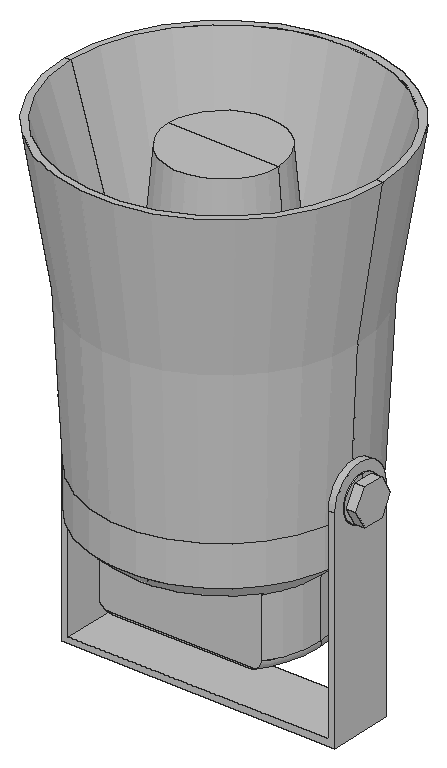
Revit family "Electronics_Commercial-Loudspeakers_Biamp_Compression-Driver-Horn_EN-H10", category Communication Devices, host Face, Revit 2020
Family settings
  Host = Face
  Maintain Annotation Orientation = No
  Round Connector Dimension = Use Diameter
  Part Type = Normal
  OmniClass Number = 23.85.10.11.14.14.14
  OmniClass Title = Loudspeakers
  Cut with Voids When Loaded = No
  Shared = No
  Room Calculation Point = No
Parameters (values of type "EN-H10-G")
  Weight = 4.25492 lbf  # constant formula
  Vertical dispersion angle 1000 Hz = "180°"  # constant formula
  Version = 1
  URL = "https://www.biamp.com/"
  SPL 1W/1m in dB = "98"  # constant formula
  Rotate angle [instance] = 90.00°
  Product data url = "https://bimobject.com/biamp/product/en-h10_commercial-loudspeakers-en54-24"
  Product Page URL = "https://www.biamp.com/products/product-families/commercial-loudspeakers/en54-24#en-h10"
  Product Documentation Link = "https://downloads.biamp.com/assets/docs/default-source/discontinued/biamp_data_sheet_en-h10-g_aug20.pdf"
  Operating temperatures = "-50°C to +100°C"  # constant formula
  Nom angle [instance] = if(or(Rotate angle < -8.00°, Rotate angle = -8.00°), -8.00°, if(and(Rotate angle > -8.00°, Rotate angle < 188.00°), Rotate angle, if(or(Rotate angle > 188.00°, Rotate angle = 188.00°), 188.00°, 0.00°)))  # 90.00°
  Mounting system = "2 screws"  # constant formula
  Model = "EN-H10-G"  # constant formula
  Max SPL 1m in dB = "108"  # constant formula
  Manufacturer = "Biamp"  # constant formula
  Main construction material = "ABS plastic"  # constant formula
  Low impedance dynamic power watts = "10"  # constant formula
  Loudspeaker system = "Compression driver"  # constant formula
  IP rating = "66"  # constant formula
  Housing Material = Biamp - Plastic - Gray
  Frequency response in Hz = "370 - 13 k"  # constant formula
  Diameter = 5.59055"  # constant formula
  Description = "EN-H10-G EN54-24 Certified Compression Driver Horn 10W"  # constant formula
  Depth = 8.26772"  # constant formula
  Default Elevation = 0"
  Date Updated = ""
  Date Created = "2023/08/21"
  Connector Description = "Conductor; 10-5-2.5-1.25 W 100V"  # constant formula
  Colour = "Grey"  # constant formula
  Closest RAL colour (subject to deviations) = "RAL7035"  # constant formula
  Certificate ref = "1438/CPR/0355"  # constant formula
  100V transformer power taps in watts = "10 - 5 - 2.5 - 1.25"  # constant formula
Reference planes (in)
  plane 1 "Center (Front/Back)": y = 0
  plane 2: z = 0
  plane 3 "Center (Left/Right)": x = 0
  plane 4: z = 3.84667
Forms (in)
  Extrusion 1, solid, material "Biamp - Metal - Gray", detail levels coarse
    sketch origin (0, 0, 0) x (1, 0, 0) y (0, 0, 1)
      loop
        line (2.5497, 0) -> (2.5497, 4.52756) -> (2.43159, 4.52756) -> (2.43159, 0.11811) -> (-2.43159, 0.11811) -> (-2.43159, 4.52756) -> (-2.5497, 4.52756) -> (-2.5497, 0) -> (2.5497, 0)
    from -0.59055 to 0.59055
  Extrusion 2, solid, material "Biamp - Metal - Gray", detail levels medium+fine
    sketch origin (0, 0, 0) x (1, 0, 0) y (0, 0, 1)
      loop
        line (2.5497, 0) -> (2.5497, 4.52756) -> (2.43159, 4.52756) -> (2.43159, 0.11811) -> (-2.43159, 0.11811) -> (-2.43159, 4.52756) -> (-2.5497, 4.52756) -> (-2.5497, 0) -> (2.5497, 0)
    from -0.59055 to 0.59055
  Extrusion 3, void
    sketch origin (0, 0, 0) x (0, 1, 0) y (0, 0, 1)
      loop
        line (0.59055, 3.93701) -> (0.59055, 4.61658) -> (-0.59055, 4.61658) -> (-0.59055, 3.93701)
        arc (-0.59055, 3.93701) -> (0, 4.52756) -> (0.59055, 3.93701) r 0.59055
      loop
        circle (0, 3.93701) r 0.19685
    from -2.59997 to 2.77795
  Revolve 4, solid, material "Biamp - Metal - Gray"
    sketch origin (0, 0, 0) x (1, 0, 0) y (0, 0, 1)
      loop
        line (-2.5497, 4.11542) -> (-2.5497, 4.3496) -> (-2.58887, 4.3496) -> (-2.58887, 3.93701) -> (-2.33041, 3.93701) -> (-2.33041, 4.11542) -> (-2.5497, 4.11542)
      loop
        line (2.5497, 4.11542) -> (2.33041, 4.11542) -> (2.33041, 3.93701) -> (2.58887, 3.93701) -> (2.58887, 4.3496) -> (2.5497, 4.3496) -> (2.5497, 4.11542)
      axis (-2.58887, 3.93701) -> (2.58887, 3.93701)
    angle from 0 to 360
  Extrusion 5, solid, material "Biamp - Metal - Gray", detail levels medium+fine
    sketch origin (-2.58887, 0, 3.93701) x (0, 0, 1) y (0, 1, 0)
      loop
        line (0.34388, 0.19854) -> (0, 0.39708) -> (-0.34388, 0.19854) -> (-0.34388, -0.19854) -> (0, -0.39708) -> (0.34388, -0.19854) -> (0.34388, 0.19854)
    from 0 to 0.19685
  Extrusion 6, solid, material "Biamp - Metal - Gray", detail levels medium+fine
    sketch origin (2.58887, 0, 3.93701) x (0, 1, 0) y (0, 0, 1)
      loop
        line (0.19854, 0.34388) -> (-0.19854, 0.34388) -> (-0.39708, 0) -> (-0.19854, -0.34388) -> (0.19854, -0.34388) -> (0.39708, 0) -> (0.19854, 0.34388)
    from 0 to 0.19685
  Extrusion 7, void
    sketch origin (0, 0, 0) x (0, 1, 0) y (0, 0, 1)
      loop
        circle (0, 3.93701) r 0.19685
    from -2.55921 to 2.59555
Cuts and joins
  Extrusion 3 cuts Extrusion 2
  Extrusion 7 cuts Extrusion 1
Lines and regions (in)
  Masking region 1
    outline origin (0, 0, 0) x (1, 0, 0) y (0, 1, 0)
      loop
        line (-2.5497, 0.59055) -> (-2.5497, -0.59055) -> (-2.43159, -0.59055) -> (-2.43159, 0.59055) -> (-2.5497, 0.59055)
      loop
        line (2.43159, 0.59055) -> (2.43159, -0.59055) -> (2.5497, -0.59055) -> (2.5497, 0.59055) -> (2.43159, 0.59055)
  Masking region 2
    outline origin (0, 0, 0) x (1, 0, 0) y (0, 1, 0)
      loop
        line (-2.43159, 0.59055) -> (-2.43159, -0.59055) -> (2.43159, -0.59055) -> (2.43159, 0.59055) -> (-2.43159, 0.59055)
  reference lines
    curve 1: line (0, 0, 3.84667) -> (0, 0, 9.35848)
Dimensions and locks (in)
  "Nom angle": angle plane 4 to curve 1
  aligned and locked: plane 2 to host face
  aligned and locked: level to host face
  aligned and locked: plane 4 to curve 1
  aligned and locked: plane 1 "Center (Front/Back)" to curve 1
Automatic sketch dimensions
  host sketch curve to host sketch curve = 96"  (x2)
  Extrusion 1 sketch curve to level = 0"
  Extrusion 1 sketch curve to plane 3 "Center (Left/Right)" = 2.5497"
  Extrusion 1 sketch curve to Extrusion 1 sketch curve = 0.11811"  (x2)
  level to Extrusion 1 sketch curve = 0.11811"
  plane 3 "Center (Left/Right)" to Extrusion 1 sketch curve = 2.43159"
  plane 4 to Extrusion 1 sketch curve = 0.68089"  (x2)
  Extrusion 2 sketch curve to level = 0"
  plane 4 to Extrusion 2 sketch curve = 0.68089"  (x2)
  Extrusion 2 sketch curve to plane 3 "Center (Left/Right)" = 2.5497"
  Extrusion 2 sketch curve to Extrusion 2 sketch curve = 0.11811"  (x2)
  level to Extrusion 2 sketch curve = 0.11811"
  plane 3 "Center (Left/Right)" to Extrusion 2 sketch curve = 2.43159"
  Extrusion 3 sketch curve to Extrusion 3 sketch curve = 0"  (x2)
  Extrusion 3 sketch curve to plane 1 "Center (Front/Back)" = 0"
  plane 1 "Center (Front/Back)" to Extrusion 3 sketch curve = 0.59055"
  plane 4 to Extrusion 3 sketch curve = 0.09034"
  Extrusion 3 sketch curve to Extrusion 3 sketch curve = 0.67958"
  plane 4 to Revolve 4 sketch curve = 0.09034"  (x3)
  Revolve 4 sketch curve to plane 3 "Center (Left/Right)" = 2.58887"
  Revolve 4 sketch curve to Revolve 4 sketch curve = 0.03916"  (x2)
  Revolve 4 sketch curve to Revolve 4 sketch curve = 0.21929"  (x2)
  plane 4 to Revolve 4 sketch curve = 0.26875"
  plane 3 "Center (Left/Right)" to Revolve 4 sketch curve = 2.33041"
  Revolve 4 sketch curve to Revolve 4 sketch curve = 0.17841"
  Revolve 4 sketch curve to Revolve 4 sketch curve = 0.23418"  (x2)
  Revolve 4 sketch curve to Revolve 4 sketch curve = 0.08632"
  Revolve 4 sketch curve to Revolve 4 sketch curve = 0.26974"
  Revolve 4 to Extrusion 5 sketch curve = 0.19854"  (x2)
  Extrusion 5 sketch curve to Revolve 4 = 0.39708"
  Extrusion 5 sketch curve to Extrusion 5 sketch curve = 0.34388"  (x3)
  Revolve 4 to Extrusion 5 sketch curve = 0.39708"
  Extrusion 5 sketch curve to Revolve 4 = 0.19854"  (x2)
  Revolve 4 to Extrusion 6 sketch curve = 0.39708"
  Revolve 4 to Extrusion 6 sketch curve = 0.19854"  (x2)
  Extrusion 6 sketch curve to Revolve 4 = 0.19854"  (x2)
  Extrusion 6 sketch curve to Revolve 4 = 0.39708"
  Extrusion 6 sketch curve to Extrusion 6 sketch curve = 0.34388"  (x3)
  Extrusion 7 sketch curve to Extrusion 7 sketch curve = 0"  (x2)
  Extrusion 7 sketch curve to plane 1 "Center (Front/Back)" = 0"
  plane 4 to Extrusion 7 sketch curve = 0.09034"
  plane 1 "Center (Front/Back)" to Extrusion 7 sketch curve = 0.19685"
  plane 1 "Center (Front/Back)" to Masking region 1 sketch curve = 0.59055"  (x2)
  Masking region 1 sketch curve to plane 3 "Center (Left/Right)" = 2.5497"
  Masking region 1 sketch curve to Masking region 1 sketch curve = 0.11811"  (x2)
  Masking region 1 sketch curve to plane 1 "Center (Front/Back)" = 0.59055"  (x2)
  plane 3 "Center (Left/Right)" to Masking region 1 sketch curve = 2.43159"
  plane 1 "Center (Front/Back)" to Masking region 2 sketch curve = 0.59055"
  Masking region 2 sketch curve to plane 3 "Center (Left/Right)" = 2.43159"
  plane 3 "Center (Left/Right)" to Masking region 2 sketch curve = 2.43159"
  Masking region 2 sketch curve to plane 1 "Center (Front/Back)" = 0.59055"
  radius of Extrusion 3 sketch curve = 0.19685"
Nested families (in)
  nested 1: "H10" at (0, 0, 8.61926) x (1, 0, 0) z (0, 1, 0), Housing Material <- "Housing Material", type "H10"
    with Housing Material Biamp - Plastic - Gray
Connectors (in)
  electrical at (0.01401, 0.07288, 1.11369), driven by "Connector Description"
    settings: on nested 1, index 1, voltage 0 V, apparent load 0 VA, apparent load phase1 0 VA, apparent load phase2 0 VA, apparent load phase3 0 VA, power factor 1, load classification "Other", number of poles 1, system type 31, power factor state 1, is connector primary yes, connector utility no, sub classification motor no, connector description "Conductor; 10-5-2.5-1.25 W 100V"
Definition of nested family "H10"
  Parameters (values of type "H10")
    Housing Material [instance] = none
    Default Elevation = 48"
  Reference planes (in)
    plane 1 "Center (Front/Back)": y = 0
    plane 2: z = 0
    plane 3 "Center (Left/Right)": x = 0
  Forms (in)
    Revolve 1, solid, material <- "Housing Material", detail levels coarse
      sketch origin (-7.89827, -9.18478, 0) x (1, 0, 0) y (0, 1, 0)
        loop
          line (7.89827, 8.45677) -> (7.89827, 16.72449) -> (6.27842, 16.72449)
          arc (6.27842, 16.72449) -> (6.13923, 16.66683) -> (6.08157, 16.52764) r 0.19685
          line (6.08157, 16.52764) -> (6.08157, 15.41623) -> (5.55251, 14.9723) -> (5.55251, 14.04122)
          arc (5.55251, 14.04122) -> (5.39567, 11.23154) -> (4.92707, 8.45677) r 25.24395
          line (4.92707, 8.45677) -> (7.89827, 8.45677)
        axis (7.89827, 16.72449) -> (7.89827, 8.45677)
      angle from 0 to 360
    Revolve 2, solid, material <- "Housing Material", detail levels medium+fine
      sketch origin (-7.89827, -9.18478, 0) x (1, 0, 0) y (0, 1, 0)
        loop
          arc (5.05249, 8.45677) -> (5.80348, 10.96799) -> (6.05697, 13.57681) r 13.55116
          arc (6.05697, 13.57681) -> (6.25768, 13.76398) -> (6.45839, 13.57681) r 0.2012
          arc (6.45839, 13.57681) -> (6.71633, 11.2275) -> (6.87026, 8.8691) r 53.50628
          line (6.87026, 8.8691) -> (7.89827, 8.8691) -> (7.89827, 16.72449) -> (6.27842, 16.72449)
          arc (6.27842, 16.72449) -> (6.13923, 16.66683) -> (6.08157, 16.52764) r 0.19685
          line (6.08157, 16.52764) -> (6.08157, 15.41623) -> (5.55251, 14.9723) -> (5.55251, 14.22655)
          arc (5.55251, 14.22655) -> (5.3957, 11.32476) -> (4.92707, 8.45677) r 26.92614
          line (4.92707, 8.45677) -> (5.05249, 8.45677)
        axis (7.89827, 16.72449) -> (7.89827, 8.45677)
      angle from 0 to 360
    Extrusion 3, void
      sketch origin (0, 0, 0) x (0, 1, 0) y (0, 0, 1)
        loop
          line (7.89384, 1.10365) -> (7.96949, 2.2172) -> (6.78028, 2.2172) -> (7.89384, 1.10365)
        loop
          line (7.51989, -1.00704) -> (6.1406, -1.00704) -> (6.1406, -1.95128)
          arc (6.1406, -1.95128) -> (6.05625, -2.15091) -> (5.85431, -2.22956) r 0.27839
          line (5.85431, -2.22956) -> (7.87514, -2.28691) -> (7.79794, -0.715)
          arc (7.79794, -0.715) -> (7.72151, -0.92062) -> (7.51989, -1.00704) r 0.27839
      from -3.11453 to 3.59845
    Extrusion 4, void
      sketch origin (0, 7.53971, 0) x (0, 0, 1) y (-1, 0, 0)
        loop
          arc (0.51055, -0.75728) -> (0.65458, -0.67413) -> (0.71146, -0.51785) r 0.24312
          line (0.71146, -0.51785) -> (0.71146, 0.48983)
          arc (0.71146, 0.48983) -> (0.65458, 0.64611) -> (0.51055, 0.72926) r 0.24312
          line (0.51055, 0.72926) -> (0.39779, 0.74914) -> (-0.34166, 0.74914) -> (-0.37122, 0.73208)
          arc (-0.37122, 0.73208) -> (-0.44327, 0.66003) -> (-0.46964, 0.5616) r 0.19685
          line (-0.46964, 0.5616) -> (-0.46964, -0.58962)
          arc (-0.46964, -0.58962) -> (-0.44327, -0.68805) -> (-0.37122, -0.7601) r 0.19685
          line (-0.37122, -0.7601) -> (-0.34166, -0.77717) -> (0.39779, -0.77717) -> (0.51055, -0.75728)
      from 0 to 0.03414
  Cuts and joins
    Extrusion 4 cuts Revolve 1
    Extrusion 3, Extrusion 4 cuts Revolve 2
  Lines and regions (in)
    Masking region 1
      outline origin (0, 0, 0) x (1, 0, 0) y (0, 1, 0)
        loop
          line (-2.9712, -0.72801) -> (2.9712, -0.72801)
          arc (2.9712, -0.72801) -> (2.50259, 2.09306) -> (2.34575, 4.94847) r 26.07246
          line (2.34575, 4.94847) -> (2.34575, 5.78474) -> (1.82121, 6.23145) -> (1.82121, 7.27819)
          arc (1.82121, 7.27819) -> (1.7665, 7.44449) -> (1.62375, 7.54585) r 0.28015
          line (1.62375, 7.54585) -> (0, 7.54585) -> (-1.62375, 7.54585)
          arc (-1.62375, 7.54585) -> (-1.7665, 7.44449) -> (-1.82121, 7.27819) r 0.28015
          line (-1.82121, 7.27819) -> (-1.82121, 6.23145) -> (-2.34575, 5.78474) -> (-2.34575, 4.94847)
          arc (-2.34575, 4.94847) -> (-2.50259, 2.09306) -> (-2.9712, -0.72801) r 26.07246
    Masking region 2
      outline origin (0, 0, 0) x (1, 0, 0) y (0, 0, 1)
        loop
          circle (0, 0) r 2.8372
    Masking region 3
      outline origin (0, 0, 0) x (1, 0, 0) y (0, 0, 1)
        loop
          circle (0, 0) r 2.62432
        loop
          circle (0, 0) r 1.27508
        loop
          circle (0, 0) r 0.62211
  Dimensions and locks (in)
    aligned and locked: level to plane 2
